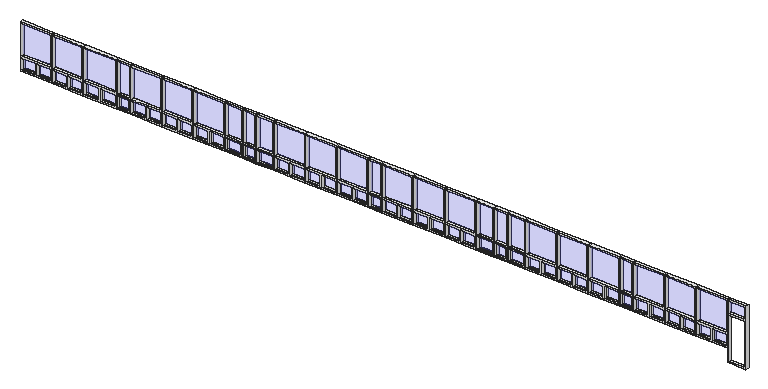
Revit family
Parameters
  창 두께 = 150 mm
  창 패널 = AW26 창 패널
  창 프레임 = AW26 창 프레임
  길이 4 = 길이 1 * 3  # 4500 mm
  길이 3 = 650 mm
  길이 2 = Height + 기본 씰 높이  # 2700 mm
  길이 1 = (Width - 9300 mm) / 17  # 1500 mm
  Height = 2100 mm
  절반 창 두께 = 창 두께 / 2  # 75 mm
  기본 씰 높이 = 600 mm
  Wall Closure = (empty or 0)
  Width = 34800 mm
Reference planes
  plane 1: y = 0
  plane 2 "왼쪽": x = -15700
  plane 3 "오른쪽": x = 18925
  plane 4 "씰": z = 600
  plane 5 "헤드": z = 2700
  plane 6 "외부": y = 100
  plane 7 "내부": y = -100
  plane 8: y = -75
  plane 9: y = 75
  plane 10: y = 66
  plane 11: y = 44
  plane 12: y = 35
  plane 13: x = 1550
  plane 14: z = 1200
  plane 15: z = 645
  plane 16: z = 1245
  plane 17: z = 1190
  plane 18: z = 655
  plane 19: z = 2655
  plane 20: z = 2100
  plane 21: z = 2055
Text (mm)
  text "외부" at (-1963.203, 1332.353, 0), in view "참조 레벨"
  text "내부" at (-1981.466, -818.386, 0), in view "참조 레벨"
  text "외부" at (0, 923.751, 2943.296), in view "오른쪽"
  text "외부" at (0, 1040.484, 2685.409), in view "왼쪽"
Dimensions and locks
  "Height": plane 4 "씰" to plane 5 "헤드"
  "기본 씰 높이": plane 4 "씰" to level
  locked: plane 6 "외부" to host wall at 0
  locked: plane 7 "내부" to host wall
  plane 9 to plane 10 to plane 11 to plane 12 = 9 mm locked, 22 mm locked, 9 mm locked
  locked: plane 4 "씰" to plane 14 at 600
  plane 4 "씰" to plane 15 to plane 18 = 45 mm locked, 10 mm locked
  plane 17 to plane 14 to plane 16 = 10 mm locked, 45 mm locked
  locked: plane 19 to plane 5 "헤드" at 45
  plane 21 to plane 20 to plane 5 "헤드" = 45 mm locked, 600 mm locked
  "절반 창 두께": plane 9 to host wall
  "절반 창 두께": host wall to plane 8
  "길이 4": nested 4 to nested 7
  locked: nested 6 to nested 15 at 2350
  "길이 4": nested 12 to nested 3
  locked: nested 19 to nested 12 at 2350
  locked: nested 22 to nested 21 at 2250
  plane 2 "왼쪽" to plane 13 to plane 3 "오른쪽" = 17250 mm, 17375 mm
  aligned and locked: plane 4 "씰" to nested 1  (x2)
  aligned and locked: plane 4 "씰" to nested 2  (x2)
  aligned and locked: nested 1 to nested 3
  aligned and locked: plane 4 "씰" to nested 3  (x2)
  aligned and locked: nested 1 to nested 4
  aligned and locked: nested 4 to nested 5
  aligned and locked: nested 5 to nested 6
  aligned and locked: nested 7 to nested 8
  aligned and locked: nested 8 to nested 9
  aligned and locked: nested 3 to nested 10
  aligned and locked: nested 10 to nested 11
  aligned and locked: nested 12 to nested 13
  aligned and locked: nested 13 to nested 14
  aligned and locked: nested 15 to nested 16
  aligned and locked: nested 16 to nested 17
  aligned and locked: nested 17 to nested 18
  aligned and locked: nested 19 to nested 20
  aligned and locked: nested 20 to nested 21
  aligned and locked: nested 2 to nested 21
  aligned and locked: plane 4 "씰" to nested 18
  aligned and locked: plane 4 "씰" to nested 17
  aligned and locked: plane 4 "씰" to nested 16
  aligned and locked: plane 4 "씰" to nested 15  (x2)
  aligned and locked: plane 4 "씰" to nested 9
  aligned and locked: plane 4 "씰" to nested 8
  aligned and locked: plane 4 "씰" to nested 7
  aligned and locked: plane 4 "씰" to nested 6
  aligned and locked: plane 4 "씰" to nested 5
  aligned and locked: plane 4 "씰" to nested 4
  aligned and locked: plane 4 "씰" to nested 10
  aligned and locked: plane 4 "씰" to nested 11
  aligned and locked: plane 4 "씰" to nested 12
  aligned and locked: plane 4 "씰" to nested 13
  aligned and locked: plane 4 "씰" to nested 14
  aligned and locked: plane 4 "씰" to nested 19
  aligned and locked: plane 4 "씰" to nested 20
  aligned and locked: plane 4 "씰" to nested 21
  aligned and locked: plane 4 "씰" to nested 22
  aligned and locked: nested 24 to nested 2
  aligned and locked: plane 4 "씰" to nested 24
  aligned and locked: plane 4 "씰" to nested 25
  aligned and locked: nested 18 to nested 25
  aligned and locked: nested 26 to plane 4 "씰"
  aligned and locked: nested 25 to nested 26
  aligned and locked: nested 27 to plane 4 "씰"
  aligned and locked: nested 26 to nested 27
  aligned and locked: nested 22 to nested 28
  aligned and locked: nested 23 to nested 27
  aligned and locked: plane 4 "씰" to nested 28
  aligned: plane 2 "왼쪽" to nested 28
Nested families
  nested 1: "창 고정 단위" at (1225, 0, 0), type "AW9_1_1"
  nested 2: "창 고정 단위" at (-10775, 0, 0), type "AW9_1"
  nested 3: "AW9 2" at (150, 0, 0), type "AW9"
  nested 4: "AW9 2" at (2300, 0, 0), type "AW9"
  nested 5: "AW9 2" at (3800, 0, 0), type "AW9"
  nested 6: "AW9 2" at (5300, 0, 0), type "AW9"
  nested 7: "창 고정 단위" at (6475, 0, 0), type "AW9_2"
  nested 8: "창 고정 단위" at (7225, 0, 0), type "AW9_1"
  nested 9: "창 고정 단위" at (7975, 0, 0), type "AW9_2"
  nested 10: "AW9 2" at (-1350, 0, 0), type "AW9"
  nested 11: "AW9 2" at (-2850, 0, 0), type "AW9"
  nested 12: "창 고정 단위" at (-4025, 0, 0), type "AW9_2"
  nested 13: "창 고정 단위" at (-4775, 0, 0), type "AW9_1"
  nested 14: "창 고정 단위" at (-5525, 0, 0), type "AW9_2"
  nested 15: "AW9 2" at (9150, 0, 0), type "AW9"
  nested 16: "AW9 2" at (10650, 0, 0), type "AW9"
  nested 17: "AW9 2" at (12150, 0, 0), type "AW9"
  nested 18: "창 고정 단위" at (13225, 0, 0), type "AW9_1"
  nested 19: "AW9 2" at (-6700, 0, 0), type "AW9"
  nested 20: "AW9 2" at (-8200, 0, 0), type "AW9"
  nested 21: "AW9 2" at (-9700, 0, 0), type "AW9"
  nested 22: "AW9 2" at (-13450, 0, 0), type "AW9"
  nested 23: "문 프레임" at (18487.5, 0, 0), type "AW9-1"
  nested 24: "창 고정 단위 크게" at (-11900, 0, 0), type "AW9 2"
  nested 25: "AW9 2" at (14300, 0, 0), type "AW9"
  nested 26: "AW9 2" at (15800, 0, 0), type "AW9"
  nested 27: "AW9 2" at (17300, 0, 0), type "AW9"
  nested 28: "창 고정 및 개구부 단위" at (-14950, 0, 0), type "AW9"
Definition of nested family "창 고정 단위"
  Parameters (values of type "AW9_1_1")
    창 두께 = 150 mm
    창 패널 = AW26 창 패널
    창 프레임 = AW26 창 프레임
    Height = 2100 mm
    절반 창 두께 = 창 두께 / 2  # 75 mm
    기본 씰 높이 = 600 mm
    Wall Closure = (empty or 0)
    Width = 650 mm
    Assembly Code = ""
  Types (4, lengths in mm): name | Width
    AW9_1_1 | 650
    AW9_3 | 800
    AW9_2 | 850
    AW9_1 | 650
  Reference planes
    plane 1: y = 0
    plane 2 "중심(왼쪽/오른쪽)": x = 0
    plane 3 "왼쪽": x = -325
    plane 4 "오른쪽": x = 325
    plane 5 "씰": z = 600
    plane 6 "헤드": z = 2700
    plane 7 "외부": y = 100
    plane 8 "내부": y = -100
    plane 9: y = 75
    plane 10: y = -75
    plane 11: y = 35
    plane 12: x = -280
    plane 13: x = 280
    plane 14: x = -270
    plane 15: x = 270
    plane 16: z = 1200
    plane 17: z = 1190
    plane 18: z = 1245
    plane 19: y = 55
    plane 20: y = 66
    plane 21: y = 44
    plane 22: y = -11
    plane 23: y = 11
    plane 24: x = -22.5
    plane 25: x = 22.5
    plane 26: x = -32.5
    plane 27: x = 32.5
    plane 28: z = 2655
    plane 29: z = 645
    plane 30: x = 230
    plane 31: z = 1150
    plane 32: x = -230
    plane 33: z = 685
    plane 34: x = 72.5
    plane 35: x = -72.5
    plane 36: x = 156.25
    plane 37: x = -156.25
    plane 38: z = 655
  Forms (mm)
    Extrusion 1, solid, material "AW26 창 프레임" <- "창 프레임"
      sketch origin (-2000, 75, 1000) x (-1, 0, 0) y (0, 0, 1)
        loop
          line (-2325, 1700) -> (-2325, -400) -> (-1675, -400) -> (-1675, 1700) -> (-2325, 1700)
        loop
          line (-2280, 1655) -> (-2280, 245) -> (-1720, 245) -> (-1720, 1655) -> (-2280, 1655)
        loop
          line (-2280, -355) -> (-1720, -355) -> (-1720, 200) -> (-2280, 200) -> (-2280, -355)
      from -150 to 0
    Extrusion 2, solid, material "AW26 창 패널" <- "창 패널"
      sketch origin (-2000, 75, 1000) x (-1, 0, 0) y (0, 0, 1)
        loop
          line (-2280, 1655) -> (-2280, 245) -> (-1720, 245) -> (-1720, 1655) -> (-2280, 1655)
        loop
          line (-2280, 200) -> (-2280, -355) -> (-1720, -355) -> (-1720, 200) -> (-2280, 200)
      from -31 to -9
    Extrusion 3, solid, material "AW26 창 프레임" <- "창 프레임"
      sketch origin (-2000, 75, 1000) x (-1, 0, 0) y (0, 0, 1)
        loop
          line (-2230, 150) -> (-2230, -315) -> (-1770, -315) -> (-1770, 150) -> (-2230, 150)
        loop
          line (-2280, 200) -> (-2280, -355) -> (-1720, -355) -> (-1720, 200) -> (-2280, 200)
      from -64 to 0
    Extrusion 4, solid, material "AW26 창 프레임" <- "창 프레임"
      sketch origin (-2000, 75, 1000) x (-1, 0, 0) y (0, 0, 1)
        loop
          line (-2280, 200) -> (-2280, -355) -> (-1720, -355) -> (-1720, 200) -> (-2280, 200)
        loop
          line (-2270, 190) -> (-2270, -345) -> (-1730, -345) -> (-1730, 190) -> (-2270, 190)
      from -64 to -150
  Lines and regions (mm)
    Opening 1
      outline origin (3500, -100, 0) x (1, 0, 0) y (0, 0, 1)
        loop
          line (-3175, 600) -> (-3175, 2700) -> (-3825, 2700) -> (-3825, 600) -> (-3175, 600)
    symbolic lines, style "입면도 스윙"
      curve 1: line (0, 75, 1200) -> (280, 75, 645)
      curve 2: line (0, 75, 1200) -> (-280, 75, 645)
    symbolic lines
      curve 3: line (-325, 75, 0) -> (325, 75, 0)
      curve 4: line (-280, 0, 0) -> (280, 0, 0)
      curve 5: line (-325, -75, 0) -> (325, -75, 0)
      curve 6: line (-280, 75, 0) -> (-280, -75, 0)
      curve 7: line (280, 75, 0) -> (280, -75, 0)
  Text (mm)
    text "외부" at (-1963.203, 1332.353, 0), in view "참조 레벨"
    text "내부" at (-1981.466, -818.386, 0), in view "참조 레벨"
    text "외부" at (0, 923.751, 2943.296), in view "오른쪽"
    text "외부" at (0, 1040.484, 2685.409), in view "왼쪽"
  Dimensions and locks
    equal spacing: plane 3 "왼쪽", plane 2 "중심(왼쪽/오른쪽)", plane 4 "오른쪽"
    "Width": plane 3 "왼쪽" to plane 4 "오른쪽"
    "Height": plane 5 "씰" to plane 6 "헤드"
    locked: plane 7 "외부" to host wall at 0
    locked: plane 8 "내부" to host wall
    plane 17 to plane 16 to plane 18 = 10 mm locked, 45 mm locked
    plane 9 to plane 19 to plane 11 = 20 mm locked, 20 mm locked
    plane 20 to plane 19 to plane 21 = 11 mm locked, 11 mm locked
    plane 23 to host wall to plane 22 = 11 mm locked, 11 mm locked
    plane 3 "왼쪽" to plane 12 to plane 14 = 45 mm locked, 10 mm locked
    plane 15 to plane 13 to plane 4 "오른쪽" = 10 mm locked, 45 mm locked
    plane 24 to plane 2 "중심(왼쪽/오른쪽)" to plane 25 = 22.5 mm locked, 22.5 mm locked
    locked: plane 26 to plane 24 at 10
    locked: plane 25 to plane 27 at 10
    locked: plane 5 "씰" to plane 16 at 600
    "절반 창 두께": plane 9 to plane 1
    "절반 창 두께": plane 10 to plane 1
    "기본 씰 높이": level to plane 5 "씰"
    locked: plane 28 to plane 6 "헤드" at 45
    locked: plane 5 "씰" to plane 29 at 45
    locked: plane 30 to plane 15 at 40
    locked: plane 31 to plane 17 at 40
    locked: plane 14 to plane 32 at 40
    locked: plane 29 to plane 33 at 40
    locked: plane 34 to plane 27 at 40
    locked: plane 26 to plane 35 at 40
    equal spacing: plane 27, plane 36, plane 13
    equal spacing: plane 26, plane 37, plane 12
    locked: plane 29 to plane 38 at 10
    aligned and locked: plane 6 "헤드" to Extrusion 1 sketch curve
    aligned and locked: plane 4 "오른쪽" to Extrusion 1 sketch curve
    aligned and locked: Extrusion 1 sketch curve to plane 5 "씰"
    aligned and locked: Extrusion 1 sketch curve to plane 3 "왼쪽"
    aligned and locked: Extrusion 1 sketch curve to plane 28
    aligned and locked: Extrusion 1 sketch curve to plane 12
    aligned and locked: plane 13 to Extrusion 1 sketch curve  (x3)
    aligned and locked: plane 18 to Extrusion 1 sketch curve
    aligned and locked: Extrusion 1 to plane 10
    aligned and locked: plane 9 to Extrusion 1
    aligned and locked: plane 12 to Extrusion 1 sketch curve  (x2)
    aligned and locked: Extrusion 1 sketch curve to plane 29
    aligned and locked: plane 13 to Extrusion 2 sketch curve  (x2)
    aligned and locked: Extrusion 2 sketch curve to plane 28
    aligned and locked: Extrusion 2 sketch curve to plane 12  (x2)
    aligned and locked: Extrusion 2 sketch curve to plane 18
    aligned and locked: plane 29 to Extrusion 2 sketch curve
    aligned and locked: Extrusion 2 to plane 21
    aligned and locked: plane 20 to Extrusion 2
    aligned and locked: plane 33 to Extrusion 3 sketch curve
    aligned and locked: Extrusion 3 sketch curve to plane 32
    aligned and locked: Extrusion 3 sketch curve to plane 31
    aligned and locked: Extrusion 3 sketch curve to plane 30
    aligned and locked: plane 16 to Extrusion 3 sketch curve
    aligned and locked: plane 13 to Extrusion 3 sketch curve
    aligned and locked: plane 29 to Extrusion 3 sketch curve
    aligned and locked: Extrusion 3 sketch curve to plane 12
    aligned and locked: plane 16 to Extrusion 1 sketch curve
    aligned and locked: plane 16 to Extrusion 2 sketch curve
    aligned and locked: Extrusion 3 to plane 23
    aligned and locked: plane 9 to Extrusion 3
    aligned and locked: plane 16 to Extrusion 4 sketch curve
    aligned and locked: plane 13 to Extrusion 4 sketch curve
    aligned and locked: plane 29 to Extrusion 4 sketch curve
    aligned and locked: Extrusion 4 sketch curve to plane 12
    aligned and locked: Extrusion 4 sketch curve to plane 14
    aligned and locked: plane 17 to Extrusion 4 sketch curve
    aligned and locked: plane 15 to Extrusion 4 sketch curve
    aligned and locked: plane 38 to Extrusion 4 sketch curve
    aligned and locked: Extrusion 4 to plane 23
    aligned and locked: Extrusion 4 to plane 10
    aligned and locked: plane 2 "중심(왼쪽/오른쪽)" to curve 1
    aligned and locked: plane 29 to curve 1
    aligned and locked: plane 13 to curve 1
    aligned and locked: plane 16 to curve 2
    aligned and locked: plane 29 to curve 2
    aligned and locked: plane 12 to curve 2
    aligned and locked: plane 9 to curve 6
    aligned and locked: plane 10 to curve 6
    aligned and locked: plane 12 to curve 6
    aligned and locked: plane 13 to curve 7
    aligned and locked: plane 4 "오른쪽" to curve 3
    aligned and locked: plane 3 "왼쪽" to curve 3
    aligned and locked: plane 3 "왼쪽" to curve 5
    aligned and locked: plane 12 to curve 4
    aligned and locked: plane 4 "오른쪽" to curve 5
    aligned and locked: plane 13 to curve 4
    aligned and locked: curve 3 to plane 9
    aligned and locked: curve 5 to plane 10
    aligned and locked: host wall to curve 4
  Automatic sketch dimensions
    Opening 1 sketch curve to plane 3 "왼쪽" = 0 mm
    Opening 1 sketch curve to plane 4 "오른쪽" = 0 mm
    Opening 1 sketch curve to plane 5 "씰" = 0 mm
    Opening 1 sketch curve to plane 6 "헤드" = 0 mm
Definition of nested family "AW9 2"
  Parameters (values of type "AW9")
    창 두께 = 150 mm
    창 패널 = AW26 창 패널
    창 프레임 = AW26 창 프레임
    Height = 2100 mm
    절반 창 두께 = 창 두께 / 2  # 75 mm
    기본 씰 높이 = 600 mm
    Wall Closure = (empty or 0)
    Width = 1500 mm
    Assembly Code = ""
  Types (3, lengths in mm): name | Width
    AW9 | 1500
    AW9 2 | 1600
    AW9 1 | 4500
  Reference planes
    plane 1: y = 0
    plane 2 "중심(왼쪽/오른쪽)": x = 0
    plane 3 "왼쪽": x = -750
    plane 4 "오른쪽": x = 750
    plane 5 "씰": z = 600
    plane 6 "헤드": z = 2700
    plane 7 "외부": y = 100
    plane 8 "내부": y = -100
    plane 9: y = 75
    plane 10: y = -75
    plane 11: y = 35
    plane 12: x = -705
    plane 13: x = 705
    plane 14: x = -695
    plane 15: x = 695
    plane 16: z = 1200
    plane 17: z = 1190
    plane 18: z = 1245
    plane 19: y = 55
    plane 20: y = 66
    plane 21: y = 44
    plane 22: y = -11
    plane 23: y = 11
    plane 24: x = -22.5
    plane 25: x = 22.5
    plane 26: x = -32.5
    plane 27: x = 32.5
    plane 28: z = 2655
    plane 29: z = 645
    plane 30: x = 655
    plane 31: z = 1150
    plane 32: x = -655
    plane 33: z = 685
    plane 34: x = 72.5
    plane 35: x = -72.5
    plane 36: x = 368.75
    plane 37: x = -368.75
  Forms (mm)
    Extrusion 1, solid, material "AW26 창 프레임" <- "창 프레임"
      sketch origin (-2000, 75, 1000) x (-1, 0, 0) y (0, 0, 1)
        loop
          line (-2750, 1700) -> (-2750, -400) -> (-1250, -400) -> (-1250, 1700) -> (-2750, 1700)
        loop
          line (-2705, 1655) -> (-2705, 245) -> (-1295, 245) -> (-1295, 1655) -> (-2705, 1655)
        loop
          line (-2705, -355) -> (-2032.5, -355) -> (-2032.5, 190) -> (-2705, 190) -> (-2705, -355)
        loop
          line (-1295, -355) -> (-1295, 190) -> (-1967.5, 190) -> (-1967.5, -355) -> (-1295, -355)
      from -150 to 0
    Extrusion 2, solid, material "AW26 창 프레임" <- "창 프레임"
      sketch origin (-2000, 75, 1000) x (-1, 0, 0) y (0, 0, 1)
        loop
          line (-2705, 190) -> (-2705, -355) -> (-2032.5, -355) -> (-2032.5, 190) -> (-2705, 190)
        loop
          line (-1967.5, 190) -> (-1967.5, -355) -> (-1295, -355) -> (-1295, 190) -> (-1967.5, 190)
        loop
          line (-2655, 150) -> (-2655, -315) -> (-2072.5, -315) -> (-2072.5, 150) -> (-2655, 150)
        loop
          line (-1927.5, 150) -> (-1927.5, -315) -> (-1345, -315) -> (-1345, 150) -> (-1927.5, 150)
      from -40 to 0
    Extrusion 3, solid, material "AW26 창 패널" <- "창 패널"
      sketch origin (-2000, 75, 1000) x (-1, 0, 0) y (0, 0, 1)
        loop
          line (-2705, 1655) -> (-2705, 245) -> (-1295, 245) -> (-1295, 1655) -> (-2705, 1655)
        loop
          line (-2655, 150) -> (-2655, -315) -> (-2072.5, -315) -> (-2072.5, 150) -> (-2655, 150)
        loop
          line (-1927.5, 150) -> (-1927.5, -315) -> (-1345, -315) -> (-1345, 150) -> (-1927.5, 150)
      from -31 to -9
  Lines and regions (mm)
    Opening 1
      outline origin (3500, -100, 0) x (1, 0, 0) y (0, 0, 1)
        loop
          line (-2750, 600) -> (-2750, 2700) -> (-4250, 2700) -> (-4250, 600) -> (-2750, 600)
    symbolic lines, style "입면도 스윙"
      curve 1: line (368.75, 75, 1190) -> (705, 75, 645)
      curve 2: line (368.75, 75, 1190) -> (32.5, 75, 645)
      curve 3: line (-32.5, 75, 645) -> (-368.75, 75, 1190)
      curve 4: line (-368.75, 75, 1190) -> (-705, 75, 645)
    symbolic lines
      curve 5: line (-750, 75, 0) -> (750, 75, 0)
      curve 6: line (-705, 0, 0) -> (705, 0, 0)
      curve 7: line (-750, -75, 0) -> (750, -75, 0)
      curve 8: line (-705, 75, 0) -> (-705, -75, 0)
      curve 9: line (705, 75, 0) -> (705, -75, 0)
  Text (mm)
    text "외부" at (-1963.203, 1332.353, 0), in view "참조 레벨"
    text "내부" at (-1981.466, -818.386, 0), in view "참조 레벨"
    text "외부" at (0, 923.751, 2943.296), in view "오른쪽"
    text "외부" at (0, 1040.484, 2685.409), in view "왼쪽"
  Dimensions and locks
    equal spacing: plane 3 "왼쪽", plane 2 "중심(왼쪽/오른쪽)", plane 4 "오른쪽"
    "Width": plane 3 "왼쪽" to plane 4 "오른쪽"
    "Height": plane 5 "씰" to plane 6 "헤드"
    locked: plane 7 "외부" to host wall at 0
    locked: plane 8 "내부" to host wall
    plane 17 to plane 16 to plane 18 = 10 mm locked, 45 mm locked
    plane 9 to plane 19 to plane 11 = 20 mm locked, 20 mm locked
    plane 20 to plane 19 to plane 21 = 11 mm locked, 11 mm locked
    plane 23 to host wall to plane 22 = 11 mm locked, 11 mm locked
    plane 3 "왼쪽" to plane 12 to plane 14 = 45 mm locked, 10 mm locked
    plane 15 to plane 13 to plane 4 "오른쪽" = 10 mm locked, 45 mm locked
    plane 24 to plane 2 "중심(왼쪽/오른쪽)" to plane 25 = 22.5 mm locked, 22.5 mm locked
    locked: plane 26 to plane 24 at 10
    locked: plane 25 to plane 27 at 10
    locked: plane 5 "씰" to plane 16 at 600
    "절반 창 두께": plane 9 to plane 1
    "절반 창 두께": plane 10 to plane 1
    "기본 씰 높이": level to plane 5 "씰"
    locked: plane 28 to plane 6 "헤드" at 45
    locked: plane 5 "씰" to plane 29 at 45
    locked: plane 30 to plane 15 at 40
    locked: plane 31 to plane 17 at 40
    locked: plane 14 to plane 32 at 40
    locked: plane 29 to plane 33 at 40
    locked: plane 34 to plane 27 at 40
    locked: plane 26 to plane 35 at 40
    equal spacing: plane 27, plane 36, plane 13
    equal spacing: plane 26, plane 37, plane 12
    aligned and locked: plane 6 "헤드" to Extrusion 1 sketch curve
    aligned and locked: plane 4 "오른쪽" to Extrusion 1 sketch curve
    aligned and locked: Extrusion 1 sketch curve to plane 5 "씰"
    aligned and locked: Extrusion 1 sketch curve to plane 3 "왼쪽"
    aligned and locked: Extrusion 1 sketch curve to plane 28
    aligned and locked: plane 13 to Extrusion 1 sketch curve  (x2)
    aligned and locked: plane 29 to Extrusion 1 sketch curve  (x2)
    aligned and locked: Extrusion 1 sketch curve to plane 12
    aligned and locked: plane 18 to Extrusion 1 sketch curve
    aligned and locked: plane 12 to Extrusion 1 sketch curve
    aligned and locked: plane 17 to Extrusion 1 sketch curve  (x2)
    aligned and locked: plane 27 to Extrusion 1 sketch curve
    aligned and locked: plane 26 to Extrusion 1 sketch curve
    aligned and locked: Extrusion 1 to plane 10
    aligned and locked: plane 9 to Extrusion 1
    aligned and locked: plane 17 to Extrusion 2 sketch curve  (x2)
    aligned and locked: plane 13 to Extrusion 2 sketch curve
    aligned and locked: plane 29 to Extrusion 2 sketch curve  (x2)
    aligned and locked: plane 27 to Extrusion 2 sketch curve
    aligned and locked: Extrusion 2 sketch curve to plane 31  (x2)
    aligned and locked: Extrusion 2 sketch curve to plane 30
    aligned and locked: plane 33 to Extrusion 2 sketch curve  (x2)
    aligned and locked: Extrusion 2 sketch curve to plane 34
    aligned and locked: Extrusion 2 sketch curve to plane 26
    aligned and locked: Extrusion 2 sketch curve to plane 12
    aligned and locked: Extrusion 2 sketch curve to plane 35
    aligned and locked: Extrusion 2 sketch curve to plane 32
    aligned and locked: Extrusion 2 to plane 9
    aligned and locked: Extrusion 2 to plane 11
    aligned and locked: Extrusion 3 sketch curve to plane 28
    aligned and locked: plane 13 to Extrusion 3 sketch curve
    aligned and locked: Extrusion 3 sketch curve to plane 18
    aligned and locked: Extrusion 3 sketch curve to plane 12
    aligned and locked: Extrusion 3 sketch curve to plane 31  (x2)
    aligned and locked: Extrusion 3 sketch curve to plane 30
    aligned and locked: plane 33 to Extrusion 3 sketch curve  (x2)
    aligned and locked: Extrusion 3 sketch curve to plane 34
    aligned and locked: Extrusion 3 sketch curve to plane 35
    aligned and locked: Extrusion 3 sketch curve to plane 32
    aligned and locked: Extrusion 3 to plane 21
    aligned and locked: plane 20 to Extrusion 3
    aligned and locked: plane 36 to curve 1
    aligned and locked: plane 29 to curve 1
    aligned and locked: plane 13 to curve 1
    aligned and locked: plane 17 to curve 2
    aligned and locked: plane 27 to curve 2
    aligned and locked: plane 29 to curve 2
    aligned and locked: plane 17 to curve 3
    aligned and locked: plane 37 to curve 3
    aligned and locked: plane 29 to curve 3
    aligned and locked: plane 26 to curve 3
    aligned and locked: plane 29 to curve 4
    aligned and locked: plane 12 to curve 4
    aligned and locked: plane 3 "왼쪽" to curve 5
    aligned and locked: plane 3 "왼쪽" to curve 7
    aligned and locked: plane 12 to curve 6
    aligned and locked: plane 4 "오른쪽" to curve 5
    aligned and locked: plane 4 "오른쪽" to curve 7
    aligned and locked: plane 13 to curve 6
    aligned and locked: plane 13 to curve 9
    aligned and locked: plane 9 to curve 8
    aligned and locked: plane 10 to curve 8
    aligned and locked: plane 12 to curve 8
    aligned and locked: curve 5 to plane 9
    aligned and locked: curve 7 to plane 10
    aligned and locked: host wall to curve 6
  Automatic sketch dimensions
    Opening 1 sketch curve to plane 3 "왼쪽" = 0 mm
    Opening 1 sketch curve to plane 4 "오른쪽" = 0 mm
    Opening 1 sketch curve to plane 5 "씰" = 0 mm
    Opening 1 sketch curve to plane 6 "헤드" = 0 mm
    Extrusion 1 sketch curve to plane 17 = 0 mm
    Extrusion 1 sketch curve to plane 29 = 0 mm
Definition of nested family "문 프레임"
  Parameters (values of type "AW9-1")
    창 두께 = 150 mm
    창 패널 = AW26 창 패널
    창 프레임 = AW26 창 프레임
    Height = 2700 mm
    절반 창 두께 = 창 두께 / 2  # 75 mm
    기본 씰 높이 = 0 mm
    Wall Closure = (empty or 0)
    Width = 875 mm
    Assembly Code = ""
  Reference planes
    plane 1: y = 0
    plane 2 "중심(왼쪽/오른쪽)": x = 0
    plane 3 "왼쪽": x = -437.5
    plane 4 "오른쪽": x = 437.5
    plane 5 "씰": z = 0
    plane 6 "헤드": z = 2700
    plane 7 "외부": y = 100
    plane 8 "내부": y = -100
    plane 9: y = 75
    plane 10: y = -75
    plane 11: y = 35
    plane 12: x = -392.5
    plane 13: x = 392.5
    plane 14: x = -382.5
    plane 15: x = 382.5
    plane 16: z = 2055
    plane 17: z = 2045
    plane 18: z = 2100
    plane 19: y = 55
    plane 20: y = 66
    plane 21: y = 44
    plane 22: y = -11
    plane 23: y = 11
    plane 24: x = -22.5
    plane 25: x = 22.5
    plane 26: x = -32.5
    plane 27: x = 32.5
    plane 28: z = 2655
    plane 29: z = 45
    plane 30: x = 342.5
    plane 31: z = 2005
    plane 32: x = -342.5
    plane 33: z = 85
    plane 34: x = 72.5
    plane 35: x = -72.5
  Forms (mm)
    Extrusion 1, solid, material "AW26 창 프레임" <- "창 프레임"
      sketch origin (-2000, 75, 1000) x (-1, 0, 0) y (0, 0, 1)
        loop
          line (-2437.5, 1700) -> (-2437.5, -1000) -> (-1562.5, -1000) -> (-1562.5, 1700) -> (-2437.5, 1700)
        loop
          line (-2392.5, 1655) -> (-2392.5, 1100) -> (-1607.5, 1100) -> (-1607.5, 1655) -> (-2392.5, 1655)
        loop
          line (-2392.5, -955) -> (-1607.5, -955) -> (-1607.5, 1055) -> (-2392.5, 1055) -> (-2392.5, -955)
      from -150 to 0
    Extrusion 2, solid, material "AW26 창 패널" <- "창 패널"
      sketch origin (-2000, 75, 1000) x (-1, 0, 0) y (0, 0, 1)
        loop
          line (-2392.5, 1655) -> (-2392.5, 1100) -> (-1607.5, 1100) -> (-1607.5, 1655) -> (-2392.5, 1655)
      from -40 to -9
  Lines and regions (mm)
    Opening 1
      outline origin (3500, -100, 0) x (1, 0, 0) y (0, 0, 1)
        loop
          line (-3062.5, 0) -> (-3062.5, 2700) -> (-3937.5, 2700) -> (-3937.5, 0) -> (-3062.5, 0)
    symbolic lines
      curve 1: line (-437.5, 75, 0) -> (437.5, 75, 0)
      curve 2: line (-437.5, -75, 0) -> (437.5, -75, 0)
      curve 3: line (-437.5, 75, 0) -> (-437.5, -75, 0)
      curve 4: line (437.5, 75, 0) -> (437.5, -75, 0)
  Text (mm)
    text "외부" at (-1963.203, 1332.353, 0), in view "참조 레벨"
    text "내부" at (-1981.466, -818.386, 0), in view "참조 레벨"
    text "외부" at (0, 923.751, 2943.296), in view "오른쪽"
    text "외부" at (0, 1040.484, 2685.409), in view "왼쪽"
  Dimensions and locks
    equal spacing: plane 3 "왼쪽", plane 2 "중심(왼쪽/오른쪽)", plane 4 "오른쪽"
    "Width": plane 3 "왼쪽" to plane 4 "오른쪽"
    "Height": plane 5 "씰" to plane 6 "헤드"
    locked: plane 7 "외부" to host wall at 0
    locked: plane 8 "내부" to host wall
    plane 17 to plane 16 to plane 18 = 10 mm locked, 45 mm locked
    plane 9 to plane 19 to plane 11 = 20 mm locked, 20 mm locked
    plane 20 to plane 19 to plane 21 = 11 mm locked, 11 mm locked
    plane 23 to host wall to plane 22 = 11 mm locked, 11 mm locked
    plane 3 "왼쪽" to plane 12 to plane 14 = 45 mm locked, 10 mm locked
    plane 15 to plane 13 to plane 4 "오른쪽" = 10 mm locked, 45 mm locked
    plane 24 to plane 2 "중심(왼쪽/오른쪽)" to plane 25 = 22.5 mm locked, 22.5 mm locked
    locked: plane 26 to plane 24 at 10
    locked: plane 25 to plane 27 at 10
    "절반 창 두께": plane 9 to plane 1
    "절반 창 두께": plane 10 to plane 1
    "기본 씰 높이": level to plane 5 "씰"
    locked: plane 28 to plane 6 "헤드" at 45
    locked: plane 5 "씰" to plane 29 at 45
    locked: plane 30 to plane 15 at 40
    locked: plane 31 to plane 17 at 40
    locked: plane 14 to plane 32 at 40
    locked: plane 29 to plane 33 at 40
    locked: plane 34 to plane 27 at 40
    locked: plane 26 to plane 35 at 40
    plane 18 to plane 6 "헤드" = 600 mm
    aligned and locked: plane 6 "헤드" to Extrusion 1 sketch curve
    aligned and locked: plane 4 "오른쪽" to Extrusion 1 sketch curve
    aligned and locked: Extrusion 1 sketch curve to plane 5 "씰"
    aligned and locked: Extrusion 1 sketch curve to plane 3 "왼쪽"
    aligned and locked: Extrusion 1 sketch curve to plane 28
    aligned and locked: plane 13 to Extrusion 1 sketch curve  (x3)
    aligned and locked: Extrusion 1 sketch curve to plane 12
    aligned and locked: plane 18 to Extrusion 1 sketch curve
    aligned and locked: Extrusion 1 to plane 10
    aligned and locked: plane 9 to Extrusion 1
    aligned and locked: plane 12 to Extrusion 1 sketch curve  (x2)
    aligned and locked: Extrusion 1 sketch curve to plane 29
    aligned and locked: plane 16 to Extrusion 1 sketch curve
    aligned and locked: Extrusion 2 sketch curve to plane 28
    aligned and locked: plane 13 to Extrusion 2 sketch curve
    aligned and locked: Extrusion 2 sketch curve to plane 18
    aligned and locked: Extrusion 2 sketch curve to plane 12
    aligned and locked: Extrusion 2 to plane 11
    aligned and locked: plane 20 to Extrusion 2
    aligned and locked: plane 9 to curve 3
    aligned and locked: plane 3 "왼쪽" to curve 3
    aligned and locked: plane 9 to curve 4
    aligned and locked: plane 10 to curve 4
    aligned and locked: plane 4 "오른쪽" to curve 4
    aligned and locked: plane 4 "오른쪽" to curve 2
    aligned and locked: plane 3 "왼쪽" to curve 2
    aligned and locked: curve 2 to plane 10
  Automatic sketch dimensions
    Opening 1 sketch curve to plane 3 "왼쪽" = 0 mm
    Opening 1 sketch curve to plane 4 "오른쪽" = 0 mm
    Opening 1 sketch curve to plane 5 "씰" = 0 mm
    Opening 1 sketch curve to plane 6 "헤드" = 0 mm
Definition of nested family "창 고정 단위 크게"
  Parameters (values of type "AW9 2")
    창 두께 = 150 mm
    창 패널 = AW26 창 패널
    창 프레임 = AW26 창 프레임
    Height = 2100 mm
    절반 창 두께 = 창 두께 / 2  # 75 mm
    기본 씰 높이 = 600 mm
    Wall Closure = (empty or 0)
    Width = 1600 mm
    Assembly Code = ""
  Reference planes
    plane 1: y = 0
    plane 2 "중심(왼쪽/오른쪽)": x = 0
    plane 3 "왼쪽": x = -800
    plane 4 "오른쪽": x = 800
    plane 5 "씰": z = 600
    plane 6 "헤드": z = 2700
    plane 7 "외부": y = 100
    plane 8 "내부": y = -100
    plane 9: y = 75
    plane 10: y = -75
    plane 11: y = 35
    plane 12: x = -755
    plane 13: x = 755
    plane 14: x = -745
    plane 15: x = 745
    plane 16: z = 1200
    plane 17: z = 1190
    plane 18: z = 1245
    plane 19: y = 55
    plane 20: y = 66
    plane 21: y = 44
    plane 22: y = -11
    plane 23: y = 11
    plane 24: x = -22.5
    plane 25: x = 22.5
    plane 26: x = -32.5
    plane 27: x = 32.5
    plane 28: z = 2655
    plane 29: z = 645
    plane 30: x = 705
    plane 31: z = 1150
    plane 32: x = -705
    plane 33: z = 685
    plane 34: x = 72.5
    plane 35: x = -72.5
    plane 36: x = 393.75
    plane 37: x = -393.75
  Forms (mm)
    Extrusion 1, solid, material "AW26 창 프레임" <- "창 프레임"
      sketch origin (-2000, 75, 1000) x (-1, 0, 0) y (0, 0, 1)
        loop
          line (-2800, 1700) -> (-2800, -400) -> (-1200, -400) -> (-1200, 1700) -> (-2800, 1700)
        loop
          line (-2755, 1655) -> (-2755, 245) -> (-1245, 245) -> (-1245, 1655) -> (-2755, 1655)
        loop
          line (-2755, -355) -> (-2032.5, -355) -> (-2032.5, 190) -> (-2755, 190) -> (-2755, -355)
        loop
          line (-1245, -355) -> (-1245, 190) -> (-1967.5, 190) -> (-1967.5, -355) -> (-1245, -355)
      from -150 to 0
    Extrusion 2, solid, material "AW26 창 프레임" <- "창 프레임"
      sketch origin (-2000, 75, 1000) x (-1, 0, 0) y (0, 0, 1)
        loop
          line (-2755, 190) -> (-2755, -355) -> (-2032.5, -355) -> (-2032.5, 190) -> (-2755, 190)
        loop
          line (-1967.5, 190) -> (-1967.5, -355) -> (-1245, -355) -> (-1245, 190) -> (-1967.5, 190)
        loop
          line (-2705, 150) -> (-2705, -315) -> (-2072.5, -315) -> (-2072.5, 150) -> (-2705, 150)
        loop
          line (-1927.5, 150) -> (-1927.5, -315) -> (-1295, -315) -> (-1295, 150) -> (-1927.5, 150)
      from -40 to 0
    Extrusion 3, solid, material "AW26 창 패널" <- "창 패널"
      sketch origin (-2000, 75, 1000) x (-1, 0, 0) y (0, 0, 1)
        loop
          line (-2755, 1655) -> (-2755, 245) -> (-1245, 245) -> (-1245, 1655) -> (-2755, 1655)
        loop
          line (-2705, 150) -> (-2705, -315) -> (-2072.5, -315) -> (-2072.5, 150) -> (-2705, 150)
        loop
          line (-1927.5, 150) -> (-1927.5, -315) -> (-1295, -315) -> (-1295, 150) -> (-1927.5, 150)
      from -31 to -9
  Lines and regions (mm)
    Opening 1
      outline origin (3500, -100, 0) x (1, 0, 0) y (0, 0, 1)
        loop
          line (-2700, 600) -> (-2700, 2700) -> (-4300, 2700) -> (-4300, 600) -> (-2700, 600)
    symbolic lines, style "입면도 스윙"
      curve 1: line (393.75, 75, 1190) -> (755, 75, 645)
      curve 2: line (393.75, 75, 1190) -> (32.5, 75, 645)
      curve 3: line (-32.5, 75, 645) -> (-393.75, 75, 1190)
      curve 4: line (-393.75, 75, 1190) -> (-755, 75, 645)
    symbolic lines
      curve 5: line (-800, 75, 0) -> (800, 75, 0)
      curve 6: line (-755, 0, 0) -> (755, 0, 0)
      curve 7: line (-800, -75, 0) -> (800, -75, 0)
      curve 8: line (-755, 75, 0) -> (-755, -75, 0)
      curve 9: line (755, 75, 0) -> (755, -75, 0)
  Text (mm)
    text "외부" at (-1963.203, 1332.353, 0), in view "참조 레벨"
    text "내부" at (-1981.466, -818.386, 0), in view "참조 레벨"
    text "외부" at (0, 923.751, 2943.296), in view "오른쪽"
    text "외부" at (0, 1040.484, 2685.409), in view "왼쪽"
  Dimensions and locks
    equal spacing: plane 3 "왼쪽", plane 2 "중심(왼쪽/오른쪽)", plane 4 "오른쪽"
    "Width": plane 3 "왼쪽" to plane 4 "오른쪽"
    "Height": plane 5 "씰" to plane 6 "헤드"
    locked: plane 7 "외부" to host wall at 0
    locked: plane 8 "내부" to host wall
    plane 17 to plane 16 to plane 18 = 10 mm locked, 45 mm locked
    plane 9 to plane 19 to plane 11 = 20 mm locked, 20 mm locked
    plane 20 to plane 19 to plane 21 = 11 mm locked, 11 mm locked
    plane 23 to host wall to plane 22 = 11 mm locked, 11 mm locked
    plane 3 "왼쪽" to plane 12 to plane 14 = 45 mm locked, 10 mm locked
    plane 15 to plane 13 to plane 4 "오른쪽" = 10 mm locked, 45 mm locked
    plane 24 to plane 2 "중심(왼쪽/오른쪽)" to plane 25 = 22.5 mm locked, 22.5 mm locked
    locked: plane 26 to plane 24 at 10
    locked: plane 25 to plane 27 at 10
    locked: plane 5 "씰" to plane 16 at 600
    "절반 창 두께": plane 9 to plane 1
    "절반 창 두께": plane 10 to plane 1
    "기본 씰 높이": level to plane 5 "씰"
    locked: plane 28 to plane 6 "헤드" at 45
    locked: plane 5 "씰" to plane 29 at 45
    locked: plane 30 to plane 15 at 40
    locked: plane 31 to plane 17 at 40
    locked: plane 14 to plane 32 at 40
    locked: plane 29 to plane 33 at 40
    locked: plane 34 to plane 27 at 40
    locked: plane 26 to plane 35 at 40
    equal spacing: plane 27, plane 36, plane 13
    equal spacing: plane 26, plane 37, plane 12
    aligned and locked: plane 6 "헤드" to Extrusion 1 sketch curve
    aligned and locked: plane 4 "오른쪽" to Extrusion 1 sketch curve
    aligned and locked: Extrusion 1 sketch curve to plane 5 "씰"
    aligned and locked: Extrusion 1 sketch curve to plane 3 "왼쪽"
    aligned and locked: Extrusion 1 sketch curve to plane 28
    aligned and locked: plane 13 to Extrusion 1 sketch curve  (x2)
    aligned and locked: plane 29 to Extrusion 1 sketch curve  (x2)
    aligned and locked: Extrusion 1 sketch curve to plane 12
    aligned and locked: plane 18 to Extrusion 1 sketch curve
    aligned and locked: plane 12 to Extrusion 1 sketch curve
    aligned and locked: plane 17 to Extrusion 1 sketch curve  (x2)
    aligned and locked: plane 27 to Extrusion 1 sketch curve
    aligned and locked: plane 26 to Extrusion 1 sketch curve
    aligned and locked: Extrusion 1 to plane 10
    aligned and locked: plane 9 to Extrusion 1
    aligned and locked: plane 17 to Extrusion 2 sketch curve  (x2)
    aligned and locked: plane 13 to Extrusion 2 sketch curve
    aligned and locked: plane 29 to Extrusion 2 sketch curve  (x2)
    aligned and locked: plane 27 to Extrusion 2 sketch curve
    aligned and locked: Extrusion 2 sketch curve to plane 31  (x2)
    aligned and locked: Extrusion 2 sketch curve to plane 30
    aligned and locked: plane 33 to Extrusion 2 sketch curve  (x2)
    aligned and locked: Extrusion 2 sketch curve to plane 34
    aligned and locked: Extrusion 2 sketch curve to plane 26
    aligned and locked: Extrusion 2 sketch curve to plane 12
    aligned and locked: Extrusion 2 sketch curve to plane 35
    aligned and locked: Extrusion 2 sketch curve to plane 32
    aligned and locked: Extrusion 2 to plane 9
    aligned and locked: Extrusion 2 to plane 11
    aligned and locked: Extrusion 3 sketch curve to plane 28
    aligned and locked: plane 13 to Extrusion 3 sketch curve
    aligned and locked: Extrusion 3 sketch curve to plane 18
    aligned and locked: Extrusion 3 sketch curve to plane 12
    aligned and locked: Extrusion 3 sketch curve to plane 31  (x2)
    aligned and locked: Extrusion 3 sketch curve to plane 30
    aligned and locked: plane 33 to Extrusion 3 sketch curve  (x2)
    aligned and locked: Extrusion 3 sketch curve to plane 34
    aligned and locked: Extrusion 3 sketch curve to plane 35
    aligned and locked: Extrusion 3 sketch curve to plane 32
    aligned and locked: Extrusion 3 to plane 21
    aligned and locked: plane 20 to Extrusion 3
    aligned and locked: plane 36 to curve 1
    aligned and locked: plane 29 to curve 1
    aligned and locked: plane 13 to curve 1
    aligned and locked: plane 17 to curve 2
    aligned and locked: plane 27 to curve 2
    aligned and locked: plane 29 to curve 2
    aligned and locked: plane 17 to curve 3
    aligned and locked: plane 37 to curve 3
    aligned and locked: plane 29 to curve 3
    aligned and locked: plane 26 to curve 3
    aligned and locked: plane 29 to curve 4
    aligned and locked: plane 12 to curve 4
    aligned and locked: plane 9 to curve 8
    aligned and locked: plane 10 to curve 8
    aligned and locked: plane 12 to curve 8
    aligned and locked: plane 13 to curve 9
    aligned and locked: plane 4 "오른쪽" to curve 5
    aligned and locked: plane 4 "오른쪽" to curve 7
    aligned and locked: plane 13 to curve 6
    aligned and locked: plane 3 "왼쪽" to curve 5
    aligned and locked: plane 12 to curve 6
    aligned and locked: plane 3 "왼쪽" to curve 7
    aligned and locked: curve 5 to plane 9
    aligned and locked: curve 7 to plane 10
    aligned and locked: host wall to curve 6
  Automatic sketch dimensions
    Opening 1 sketch curve to plane 3 "왼쪽" = 0 mm
    Opening 1 sketch curve to plane 4 "오른쪽" = 0 mm
    Opening 1 sketch curve to plane 5 "씰" = 0 mm
    Opening 1 sketch curve to plane 6 "헤드" = 0 mm
    Extrusion 1 sketch curve to plane 17 = 0 mm
    Extrusion 1 sketch curve to plane 29 = 0 mm
Definition of nested family "창 고정 및 개구부 단위"
  Parameters (values of type "AW9")
    창 두께 = 150 mm
    창 패널 = AW26 창 패널
    창 프레임 = AW26 창 프레임
    Height = 2100 mm
    절반 창 두께 = 창 두께 / 2  # 75 mm
    기본 씰 높이 = 600 mm
    Wall Closure = (empty or 0)
    Width = 1500 mm
    Assembly Code = ""
  Types (3, lengths in mm): name | Width
    AW9 | 1500
    AW9 2 | 1600
    AW9 1 | 4500
  Reference planes
    plane 1: y = 0
    plane 2 "중심(왼쪽/오른쪽)": x = 0
    plane 3 "왼쪽": x = -750
    plane 4 "오른쪽": x = 750
    plane 5 "씰": z = 600
    plane 6 "헤드": z = 2700
    plane 7 "외부": y = 100
    plane 8 "내부": y = -100
    plane 9: y = 75
    plane 10: y = -75
    plane 11: y = 35
    plane 12: x = -705
    plane 13: x = 705
    plane 14: x = -695
    plane 15: x = 695
    plane 16: z = 1200
    plane 17: z = 1190
    plane 18: z = 1245
    plane 19: y = 55
    plane 20: y = 66
    plane 21: y = 44
    plane 22: y = -11
    plane 23: y = 11
    plane 24: x = -22.5
    plane 25: x = 22.5
    plane 26: x = -32.5
    plane 27: x = 32.5
    plane 28: z = 2655
    plane 29: z = 645
    plane 30: x = 655
    plane 31: z = 1150
    plane 32: x = -655
    plane 33: z = 685
    plane 34: x = 72.5
    plane 35: x = -72.5
    plane 36: x = 368.75
    plane 37: x = -368.75
  Forms (mm)
    Extrusion 1, solid, material "AW26 창 프레임" <- "창 프레임"
      sketch origin (-2000, 75, 1000) x (-1, 0, 0) y (0, 0, 1)
        loop
          line (-2750, 1700) -> (-2750, -400) -> (-1250, -400) -> (-1250, 1700) -> (-2750, 1700)
        loop
          line (-2705, 1655) -> (-2705, 245) -> (-1295, 245) -> (-1295, 1655) -> (-2705, 1655)
        loop
          line (-2705, -355) -> (-2032.5, -355) -> (-2032.5, 190) -> (-2705, 190) -> (-2705, -355)
        loop
          line (-1295, -355) -> (-1295, 190) -> (-1967.5, 190) -> (-1967.5, -355) -> (-1295, -355)
      from -150 to 0
    Extrusion 2, solid, material "AW26 창 프레임" <- "창 프레임"
      sketch origin (-2000, 75, 1000) x (-1, 0, 0) y (0, 0, 1)
        loop
          line (-2705, 190) -> (-2705, -355) -> (-2032.5, -355) -> (-2032.5, 190) -> (-2705, 190)
        loop
          line (-1967.5, 190) -> (-1967.5, -355) -> (-1295, -355) -> (-1295, 190) -> (-1967.5, 190)
        loop
          line (-2655, 150) -> (-2655, -315) -> (-2072.5, -315) -> (-2072.5, 150) -> (-2655, 150)
        loop
          line (-1927.5, 150) -> (-1927.5, -315) -> (-1345, -315) -> (-1345, 150) -> (-1927.5, 150)
      from -40 to 0
    Extrusion 3, solid, material "AW26 창 패널" <- "창 패널"
      sketch origin (-2000, 75, 1000) x (-1, 0, 0) y (0, 0, 1)
        loop
          line (-2705, 1655) -> (-2705, 245) -> (-1295, 245) -> (-1295, 1655) -> (-2705, 1655)
        loop
          line (-2655, 150) -> (-2655, -315) -> (-2072.5, -315) -> (-2072.5, 150) -> (-2655, 150)
        loop
          line (-1927.5, 150) -> (-1927.5, -315) -> (-1345, -315) -> (-1345, 150) -> (-1927.5, 150)
      from -31 to -9
  Lines and regions (mm)
    Opening 1
      outline origin (3500, -100, 0) x (1, 0, 0) y (0, 0, 1)
        loop
          line (-2750, 600) -> (-2750, 2700) -> (-4250, 2700) -> (-4250, 600) -> (-2750, 600)
    symbolic lines, style "입면도 스윙"
      curve 1: line (-32.5, 75, 645) -> (-368.75, 75, 1190)
      curve 2: line (-368.75, 75, 1190) -> (-705, 75, 645)
    symbolic lines
      curve 3: line (-750, 75, 0) -> (750, 75, 0)
      curve 4: line (-705, 0, 0) -> (705, 0, 0)
      curve 5: line (-750, -75, 0) -> (750, -75, 0)
      curve 6: line (-705, 75, 0) -> (-705, -75, 0)
      curve 7: line (705, 75, 0) -> (705, -75, 0)
  Text (mm)
    text "외부" at (-1963.203, 1332.353, 0), in view "참조 레벨"
    text "내부" at (-1981.466, -818.386, 0), in view "참조 레벨"
    text "외부" at (0, 923.751, 2943.296), in view "오른쪽"
    text "외부" at (0, 1040.484, 2685.409), in view "왼쪽"
  Dimensions and locks
    equal spacing: plane 3 "왼쪽", plane 2 "중심(왼쪽/오른쪽)", plane 4 "오른쪽"
    "Width": plane 3 "왼쪽" to plane 4 "오른쪽"
    "Height": plane 5 "씰" to plane 6 "헤드"
    locked: plane 7 "외부" to host wall at 0
    locked: plane 8 "내부" to host wall
    plane 17 to plane 16 to plane 18 = 10 mm locked, 45 mm locked
    plane 9 to plane 19 to plane 11 = 20 mm locked, 20 mm locked
    plane 20 to plane 19 to plane 21 = 11 mm locked, 11 mm locked
    plane 23 to host wall to plane 22 = 11 mm locked, 11 mm locked
    plane 3 "왼쪽" to plane 12 to plane 14 = 45 mm locked, 10 mm locked
    plane 15 to plane 13 to plane 4 "오른쪽" = 10 mm locked, 45 mm locked
    plane 24 to plane 2 "중심(왼쪽/오른쪽)" to plane 25 = 22.5 mm locked, 22.5 mm locked
    locked: plane 26 to plane 24 at 10
    locked: plane 25 to plane 27 at 10
    locked: plane 5 "씰" to plane 16 at 600
    "절반 창 두께": plane 9 to plane 1
    "절반 창 두께": plane 10 to plane 1
    "기본 씰 높이": level to plane 5 "씰"
    locked: plane 28 to plane 6 "헤드" at 45
    locked: plane 5 "씰" to plane 29 at 45
    locked: plane 30 to plane 15 at 40
    locked: plane 31 to plane 17 at 40
    locked: plane 14 to plane 32 at 40
    locked: plane 29 to plane 33 at 40
    locked: plane 34 to plane 27 at 40
    locked: plane 26 to plane 35 at 40
    equal spacing: plane 27, plane 36, plane 13
    equal spacing: plane 26, plane 37, plane 12
    aligned and locked: plane 6 "헤드" to Extrusion 1 sketch curve
    aligned and locked: plane 4 "오른쪽" to Extrusion 1 sketch curve
    aligned and locked: Extrusion 1 sketch curve to plane 5 "씰"
    aligned and locked: Extrusion 1 sketch curve to plane 3 "왼쪽"
    aligned and locked: Extrusion 1 sketch curve to plane 28
    aligned and locked: plane 13 to Extrusion 1 sketch curve  (x2)
    aligned and locked: plane 29 to Extrusion 1 sketch curve  (x2)
    aligned and locked: Extrusion 1 sketch curve to plane 12
    aligned and locked: plane 18 to Extrusion 1 sketch curve
    aligned and locked: plane 12 to Extrusion 1 sketch curve
    aligned and locked: plane 17 to Extrusion 1 sketch curve  (x2)
    aligned and locked: plane 27 to Extrusion 1 sketch curve
    aligned and locked: plane 26 to Extrusion 1 sketch curve
    aligned and locked: Extrusion 1 to plane 10
    aligned and locked: plane 9 to Extrusion 1
    aligned and locked: plane 17 to Extrusion 2 sketch curve  (x2)
    aligned and locked: plane 13 to Extrusion 2 sketch curve
    aligned and locked: plane 29 to Extrusion 2 sketch curve  (x2)
    aligned and locked: plane 27 to Extrusion 2 sketch curve
    aligned and locked: Extrusion 2 sketch curve to plane 31  (x2)
    aligned and locked: Extrusion 2 sketch curve to plane 30
    aligned and locked: plane 33 to Extrusion 2 sketch curve  (x2)
    aligned and locked: Extrusion 2 sketch curve to plane 34
    aligned and locked: Extrusion 2 sketch curve to plane 26
    aligned and locked: Extrusion 2 sketch curve to plane 12
    aligned and locked: Extrusion 2 sketch curve to plane 35
    aligned and locked: Extrusion 2 sketch curve to plane 32
    aligned and locked: Extrusion 2 to plane 9
    aligned and locked: Extrusion 2 to plane 11
    aligned and locked: Extrusion 3 sketch curve to plane 28
    aligned and locked: plane 13 to Extrusion 3 sketch curve
    aligned and locked: Extrusion 3 sketch curve to plane 18
    aligned and locked: Extrusion 3 sketch curve to plane 12
    aligned and locked: Extrusion 3 sketch curve to plane 31  (x2)
    aligned and locked: Extrusion 3 sketch curve to plane 30
    aligned and locked: plane 33 to Extrusion 3 sketch curve  (x2)
    aligned and locked: Extrusion 3 sketch curve to plane 34
    aligned and locked: Extrusion 3 sketch curve to plane 35
    aligned and locked: Extrusion 3 sketch curve to plane 32
    aligned and locked: Extrusion 3 to plane 21
    aligned and locked: plane 20 to Extrusion 3
    aligned and locked: plane 17 to curve 1
    aligned and locked: plane 37 to curve 1
    aligned and locked: plane 29 to curve 1
    aligned and locked: plane 26 to curve 1
    aligned and locked: plane 29 to curve 2
    aligned and locked: plane 12 to curve 2
    aligned and locked: plane 3 "왼쪽" to curve 3
    aligned and locked: plane 3 "왼쪽" to curve 5
    aligned and locked: plane 4 "오른쪽" to curve 3
    aligned and locked: plane 4 "오른쪽" to curve 5
    aligned and locked: plane 12 to curve 4
    aligned and locked: plane 13 to curve 4
    aligned and locked: plane 13 to curve 7
    aligned and locked: plane 9 to curve 6
    aligned and locked: plane 10 to curve 6
    aligned and locked: plane 12 to curve 6
    aligned and locked: curve 3 to plane 9
    aligned and locked: curve 5 to plane 10
    aligned and locked: host wall to curve 4
  Automatic sketch dimensions
    Opening 1 sketch curve to plane 3 "왼쪽" = 0 mm
    Opening 1 sketch curve to plane 4 "오른쪽" = 0 mm
    Opening 1 sketch curve to plane 5 "씰" = 0 mm
    Opening 1 sketch curve to plane 6 "헤드" = 0 mm
    Extrusion 1 sketch curve to plane 17 = 0 mm
    Extrusion 1 sketch curve to plane 29 = 0 mm
